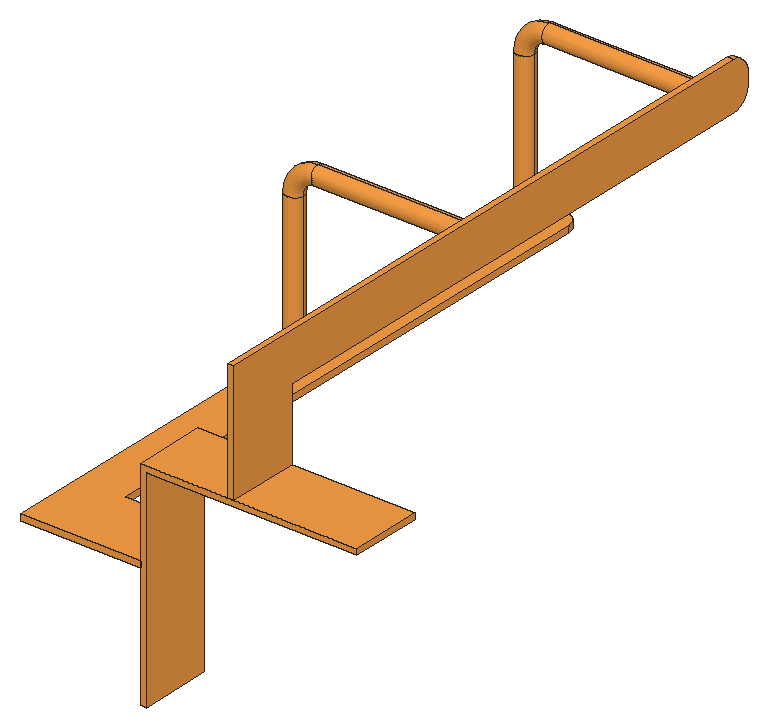
Revit family "Guard_Rail-Precision_Ladders-Hatch_Safety_Handrail", category Specialty Equipment, host Face, Revit 2014
Parameters (values of type "Precision Safety Handrail")
  Width = 1' - 2"
  URL = "http://www.precisionladders.com/"
  Product Page URL = "http://www.precisionladders.com/"
  Product Name = "Precision Safety Handrail"  # constant formula
  Product Documentation Link = "http://www.precisionladders.com/assets/pladders/files/resources/Miscellaneous/d~Hatch%20Access%20Safety%20Rail/sal.pdf"
  Model = "Safety Handrail"
  Material = ""
  Manufacturer = "Precision Ladders, LLC"  # constant formula
  Height = 2' - 2 3/4"
  Finish = Polyurethane - Precision Ladders LLC - Safety Cap
  Description = "Safety Handrail"  # constant formula
  Default Elevation = 4' - 0"
Reference planes (in)
  plane 1 "Center (Front/Back)": y = 0
  plane 2: z = 0
  plane 3 "Center (Left/Right)": x = 0
  plane 4: x = 4.625
  plane 5: x = -4.375
  plane 6: x = -4.125
  plane 7: y = -1.5
  plane 8: y = 1.5
  plane 9: z = 0.25
  plane 10: z = -8.75
  plane 11: z = 4.625
  plane 12: x = -8.75
Forms (in)
  Extrusion 1, solid, material "Polyurethane - Precision Ladders LLC - Safety Cap" <- "Finish"
    sketch origin (0, 0, 0) x (1, 0, 0) y (0, 1, 0)
      loop
        line (-4.375, -1.5) -> (4.625, -1.5) -> (4.625, 1.5) -> (-4.375, 1.5) -> (-4.375, -1.5)
    from 0 to 0.25
  Extrusion 2, solid, material "Polyurethane - Precision Ladders LLC - Safety Cap" <- "Finish"
    sketch origin (-8.5, 0, -6.5) x (1, 0, 0) y (0, 1, 0)
      loop
        line (4.125, -1.5) -> (4.375, -1.5) -> (4.375, 1.5) -> (4.125, 1.5) -> (4.125, -1.5)
    from 6.75 to -2.25
  Extrusion 3, solid, material "Polyurethane - Precision Ladders LLC - Safety Cap" <- "Finish"
    sketch origin (0, 0, -8.5) x (0, 1, 0) y (0, 0, 1)
      loop
        line (1.5, 11.75) -> (24.5, 11.75)
        spline (24.5, 11.75) -> (24.69411, 11.78407) -> (24.875, 11.88397) -> (25.03033, 12.04289) -> (25.14952, 12.25) -> (25.22444, 12.49118) -> (25.25, 12.75) -> (25.22444, 13.00882) -> (25.14952, 13.25) -> (25.03033, 13.45711) -> (24.875, 13.61603) -> (24.69411, 13.71593) -> (24.5, 13.75)
        line (24.5, 13.75) -> (-1.5, 13.75) -> (-1.5, 8.75) -> (1.5, 8.75) -> (1.5, 11.75)
    from -0.75 to -0.5
  Extrusion 4, solid, material "Polyurethane - Precision Ladders LLC - Safety Cap" <- "Finish"
    sketch origin (0, -1.17942, 0) x (1, 0, 0) y (0, 1, 0)
      loop
        spline (-7.375, 25.67942) -> (-7.40907, 25.87354) -> (-7.50897, 26.05442) -> (-7.66789, 26.20975) -> (-7.875, 26.32894) -> (-8.11618, 26.40387) -> (-8.375, 26.42942) -> (-8.63382, 26.40387) -> (-8.875, 26.32894) -> (-9.08211, 26.20975) -> (-9.24103, 26.05442) -> (-9.34093, 25.87354) -> (-9.375, 25.67942)
        line (-9.375, 25.67942) -> (-9.375, -0.32058) -> (-4.375, -0.32058) -> (-4.375, 2.67942) -> (-7.375, 2.67942) -> (-7.375, 25.67942)
    from -3.375 to -3.625
  Sweep 5, solid, material "Polyurethane - Precision Ladders LLC - Safety Cap" <- "Finish"
    path origin (0, 0, 0) x (1, 0, 0) y (0, 0, 1)
      loop
        line (-0.75, 4.25) -> (-7.375, 4.25)
        arc (-7.375, 4.25) -> (-8.08211, 3.95711) -> (-8.375, 3.25) r 1
        line (-8.375, 3.25) -> (-8.375, -3.375)
    profile origin (-4.0625, 0, 4.25) x (0, 0, -1) y (0, -1, 0)
      loop
        circle (0, -11.5) r 0.375
  Sweep 6, solid, material "Polyurethane - Precision Ladders LLC - Safety Cap" <- "Finish"
    path origin (0, 23.5, 0) x (1, 0, 0) y (0, 0, 1)
      loop
        line (-0.75, 4.25) -> (-7.375, 4.25)
        arc (-7.375, 4.25) -> (-8.08211, 3.95711) -> (-8.375, 3.25) r 1
        line (-8.375, 3.25) -> (-8.375, -3.375)
    profile origin (-4.0625, 23.5, 4.25) x (0, 0, -1) y (0, -1, 0)
      loop
        circle (0, 0) r 0.375
Cuts and joins
  joined: Extrusion 1, Extrusion 2
Lines and regions (in)
  Masking region 1
    outline origin (0, 0, 0) x (1, 0, 0) y (0, 0, 1)
      loop
        line (4.625, 0.25) -> (-4.375, 0.25) -> (-4.375, -8.75) -> (-4.125, -8.75) -> (-4.125, 0) -> (4.625, 0) -> (4.625, 0.25)
  Masking region 2
    outline origin (0, 0, 0) x (1, 0, 0) y (0, 0, 1)
      loop
        line (-0.75, 5.25) -> (-0.75, 0.25) -> (-0.5, 0.25) -> (-0.5, 5.25) -> (-0.75, 5.25)
      loop
        line (-9.375, -3.375) -> (-9.375, -3.625) -> (-4.375, -3.625) -> (-4.375, -3.375) -> (-9.375, -3.375)
  Masking region 3
    outline origin (0, 0, 0) x (1, 0, 0) y (0, 0, 1)
      loop
        line (-8, -3.375) -> (-8, 3.25338)
        arc (-8, 3.25338) -> (-7.81793, 3.69293) -> (-7.37838, 3.875) r 0.62162
        line (-7.37838, 3.875) -> (-0.75, 3.875) -> (-0.75, 4.625) -> (-7.37727, 4.625)
        arc (-7.37727, 4.625) -> (-8.30556, 4.26568) -> (-8.75, 3.375) r 1.37876
        line (-8.75, 3.375) -> (-8.75, -3.375) -> (-8, -3.375)
Dimensions and locks (in)
  Extrusion 1 sketch curve to Extrusion 1 sketch curve = 0' - 3"
  Extrusion 1 sketch curve to plane 1 "Center (Front/Back)" to Extrusion 1 sketch curve = 0' - 1 1/2", 0' - 1 1/2"
  Extrusion 2 sketch curve to Extrusion 2 sketch curve = 0' - 3"  (x2)
  plane 7 to plane 8 = 0' - 3"
  Extrusion 3 to Extrusion 3 = 0' - 0 1/4"  (x2)
  Extrusion 4 to plane 5 = 0' - 5"
  plane 12 to Extrusion 3 = 0' - 8"
  locked: plane 11 to Extrusion 3 sketch curve at 0.625
  locked: Extrusion 3 sketch curve to plane 11 at 1.375
  locked: Extrusion 3 sketch curve to plane 9 at 3
  Extrusion 3 sketch curve to plane 1 "Center (Front/Back)" to Extrusion 3 sketch curve to Extrusion 3 sketch curve = 0' - 1 1/2" locked, 0' - 1 1/2" locked, 1' - 11" locked
  Extrusion 4 sketch curve to plane 12 to Extrusion 4 sketch curve to plane 5 = 0' - 0 5/8" locked, 0' - 1 3/8" locked, 0' - 3" locked
  locked: Extrusion 4 sketch curve to Extrusion 4 sketch curve at 3
  locked: Extrusion 4 sketch curve to Extrusion 4 sketch curve at 23
  locked: Sweep 5 sketch curve to plane 11 at 0.375
  locked: plane 1 "Center (Front/Back)" to Sweep 5 sketch curve at 11.5
  locked: plane 11 to Sweep 5 sketch curve at 0.375
  locked: Sweep 5 sketch curve to plane 12 at 0.375
  locked: plane 11 to Sweep 5 sketch curve at 8
  locked: plane 12 to Sweep 5 sketch curve at 8
  locked: plane 11 to Sweep 6 sketch curve at 0.375
  locked: Sweep 6 sketch curve to plane 12 at 0.375
  locked: plane 11 to Sweep 6 sketch curve at 8
  locked: plane 12 to Sweep 6 sketch curve at 8
  locked: Sweep 6 sketch curve to plane 11 at 0.375
  locked: plane 8 to Sweep 6 sketch curve at 22
  diameter of Sweep 5 = 0' - 0 3/4"
  aligned and locked: plane 2 to host face
  aligned and locked: level to host face
  aligned and locked: plane 7 to Extrusion 2
  aligned and locked: Extrusion 2 to Extrusion 1
  aligned and locked: plane 9 to Extrusion 1
  aligned and locked: Extrusion 1 to Extrusion 2
  aligned and locked: plane 4 to Extrusion 1
  aligned and locked: Extrusion 2 to plane 10
  aligned and locked: Extrusion 1 sketch curve to plane 4
  aligned and locked: plane 8 to Extrusion 1 sketch curve
  aligned and locked: plane 5 to Extrusion 1 sketch curve
  aligned and locked: Extrusion 1 sketch curve to plane 7
  aligned and locked: plane 8 to Extrusion 2 sketch curve
  aligned and locked: Extrusion 2 sketch curve to plane 7
  aligned and locked: Extrusion 2 sketch curve to plane 6
  aligned and locked: plane 5 to Extrusion 2 sketch curve
  aligned and locked: Extrusion 3 sketch curve to plane 7
  aligned and locked: Extrusion 3 sketch curve to plane 9
  aligned and locked: plane 8 to Extrusion 3 sketch curve
  aligned and locked: Extrusion 4 sketch curve to plane 5
  aligned and locked: plane 8 to Extrusion 4 sketch curve
  aligned and locked: Extrusion 4 sketch curve to plane 7
  aligned and locked: Masking region 1 sketch curve to cut or joined group of Extrusion 1, Extrusion 2  (x3)
  aligned and locked: Masking region 1 sketch curve to level
  aligned and locked: cut or joined group of Extrusion 1, Extrusion 2 to Masking region 1 sketch curve
  aligned and locked: plane 6 to Masking region 1 sketch curve
  aligned and locked: Masking region 2 sketch curve to Extrusion 3  (x4)
  aligned and locked: Masking region 2 sketch curve to Extrusion 4  (x4)
  aligned and locked: Masking region 3 sketch curve to plane 12
  aligned and locked: Masking region 3 sketch curve to plane 11
  aligned and locked: Masking region 3 sketch curve to Sweep 5  (x2)
  aligned and locked: plane 3 "Center (Left/Right)" to Extrusion 3 sketch curve
